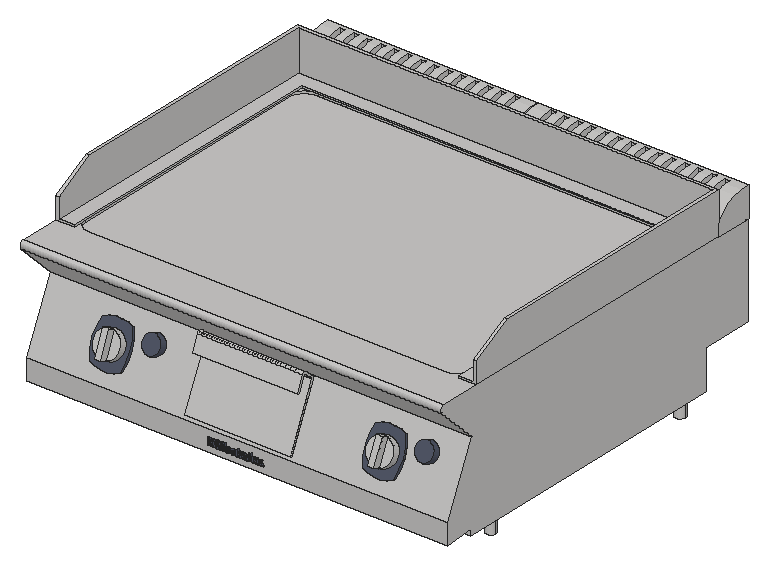
Revit family "QF_ELECTROLUXPROFESSIONAL_Professional_371330_E7IIKAAOMEA", category Specialty Equipment, Revit 2018 (continued)
Automatic sketch dimensions
  Extrusion 23 sketch curve to Extrusion 23 sketch curve = 1.547 mm
  Extrusion 23 sketch curve to Extrusion 23 sketch curve = 0.717 mm  (x2)
  Extrusion 23 sketch curve to Extrusion 23 sketch curve = 1.667 mm
  Extrusion 23 sketch curve to Extrusion 23 sketch curve = 3.174 mm
  Extrusion 23 sketch curve to Extrusion 23 sketch curve = 0.388 mm
  Extrusion 23 sketch curve to Extrusion 23 sketch curve = 1.342 mm
  Extrusion 23 sketch curve to Extrusion 23 sketch curve = 1.521 mm
  Extrusion 23 sketch curve to Extrusion 23 sketch curve = 0.124 mm
  Extrusion 23 sketch curve to Extrusion 23 sketch curve = 0.291 mm
  plane 7 "Center Y" to Extrusion 23 sketch curve = 3.796 mm
  Extrusion 23 sketch curve to Extrusion 23 sketch curve = 1.049 mm  (x2)
  Extrusion 23 sketch curve to Extrusion 23 sketch curve = 1.7 mm
  Extrusion 23 sketch curve to Extrusion 23 sketch curve = 0.894 mm
  Extrusion 23 sketch curve to Extrusion 23 sketch curve = 0.989 mm
  Extrusion 23 sketch curve to Extrusion 23 sketch curve = 1.168 mm
  Extrusion 23 sketch curve to Extrusion 23 sketch curve = 1.594 mm
  Extrusion 23 sketch curve to Extrusion 23 sketch curve = 0.731 mm
  Extrusion 23 sketch curve to Extrusion 23 sketch curve = 1.566 mm
  Extrusion 23 sketch curve to Extrusion 23 sketch curve = 0.064 mm
  plane 7 "Center Y" to Extrusion 23 sketch curve = 4.352 mm
  Extrusion 23 sketch curve to Extrusion 23 sketch curve = 0.556 mm  (x2)
  Extrusion 23 sketch curve to Extrusion 23 sketch curve = 0.48 mm
  Extrusion 23 sketch curve to Extrusion 23 sketch curve = 0.228 mm
  Extrusion 23 sketch curve to Extrusion 23 sketch curve = 1.018 mm
  Extrusion 23 sketch curve to Extrusion 23 sketch curve = 0.787 mm
  Extrusion 23 sketch curve to Extrusion 23 sketch curve = 0.618 mm
  Extrusion 23 sketch curve to Extrusion 23 sketch curve = 1.672 mm
  Extrusion 23 sketch curve to Extrusion 23 sketch curve = 1.361 mm
  Extrusion 23 sketch curve to Extrusion 23 sketch curve = 0.822 mm
  Extrusion 23 sketch curve to Extrusion 23 sketch curve = 0.069 mm
  Extrusion 23 sketch curve to Extrusion 23 sketch curve = 1.88 mm
  Extrusion 23 sketch curve to Extrusion 23 sketch curve = 0.42 mm
  plane 7 "Center Y" to Extrusion 23 sketch curve = 11.664 mm
  Extrusion 23 sketch curve to Extrusion 23 sketch curve = 0.062 mm
  Extrusion 23 sketch curve to Extrusion 23 sketch curve = 1.355 mm
  Extrusion 23 sketch curve to Extrusion 23 sketch curve = 2.34 mm
  Extrusion 23 sketch curve to Extrusion 23 sketch curve = 0.493 mm
  Extrusion 23 sketch curve to Extrusion 23 sketch curve = 0.136 mm
  Extrusion 23 sketch curve to Extrusion 23 sketch curve = 0.128 mm
  Extrusion 23 sketch curve to Extrusion 23 sketch curve = 3.616 mm
  Extrusion 23 sketch curve to Extrusion 23 sketch curve = 4.207 mm
  Extrusion 23 sketch curve to Extrusion 23 sketch curve = 0.183 mm
  Extrusion 23 sketch curve to Extrusion 23 sketch curve = 0.895 mm
  Extrusion 23 sketch curve to Extrusion 23 sketch curve = 1.314 mm
  Extrusion 23 sketch curve to Extrusion 23 sketch curve = 3.231 mm
  Extrusion 23 sketch curve to Extrusion 23 sketch curve = 1.299 mm
  Extrusion 23 sketch curve to Extrusion 23 sketch curve = 1.214 mm
  plane 7 "Center Y" to Extrusion 23 sketch curve = 22.879 mm
  Extrusion 23 sketch curve to Extrusion 23 sketch curve = 1.264 mm
  Extrusion 23 sketch curve to Extrusion 23 sketch curve = 0.109 mm
  Extrusion 23 sketch curve to Extrusion 23 sketch curve = 0.357 mm
  Extrusion 23 sketch curve to Extrusion 23 sketch curve = 0.565 mm
  Extrusion 23 sketch curve to Extrusion 23 sketch curve = 2.504 mm
  Extrusion 23 sketch curve to Extrusion 23 sketch curve = 2.459 mm
  Extrusion 23 sketch curve to Extrusion 23 sketch curve = 2.708 mm
  Extrusion 23 sketch curve to Extrusion 23 sketch curve = 3.333 mm
  Extrusion 23 sketch curve to Extrusion 23 sketch curve = 0.332 mm
  Extrusion 23 sketch curve to Extrusion 23 sketch curve = 1.087 mm
  Extrusion 23 sketch curve to Extrusion 23 sketch curve = 2.23 mm
  Extrusion 23 sketch curve to Extrusion 23 sketch curve = 2.757 mm
  Extrusion 23 sketch curve to Extrusion 23 sketch curve = 0.987 mm
  Extrusion 23 sketch curve to Extrusion 23 sketch curve = 1.529 mm
  Extrusion 23 sketch curve to Extrusion 23 sketch curve = 1.796 mm
  Extrusion 23 sketch curve to Extrusion 23 sketch curve = 2.859 mm
  Extrusion 23 sketch curve to Extrusion 23 sketch curve = 0.853 mm
  Extrusion 23 sketch curve to Extrusion 23 sketch curve = 1.241 mm
  Extrusion 23 sketch curve to Extrusion 23 sketch curve = 2.046 mm  (x2)
  Extrusion 23 sketch curve to Extrusion 23 sketch curve = 2.422 mm
  Extrusion 23 sketch curve to Extrusion 23 sketch curve = 0.27 mm  (x2)
  Extrusion 23 sketch curve to Extrusion 23 sketch curve = 0.69 mm
  Extrusion 23 sketch curve to Extrusion 23 sketch curve = 0.781 mm  (x2)
  Extrusion 23 sketch curve to Extrusion 23 sketch curve = 3.136 mm
  Extrusion 23 sketch curve to Extrusion 23 sketch curve = 1.767 mm
  Extrusion 23 sketch curve to Extrusion 23 sketch curve = 0.138 mm
  Extrusion 23 sketch curve to Extrusion 23 sketch curve = 0.777 mm
  Extrusion 23 sketch curve to Extrusion 23 sketch curve = 1.19 mm
  Extrusion 23 sketch curve to Extrusion 23 sketch curve = 0.782 mm
  Extrusion 23 sketch curve to Extrusion 23 sketch curve = 1.268 mm
  Extrusion 23 sketch curve to Extrusion 23 sketch curve = 0.422 mm  (x2)
  Extrusion 23 sketch curve to Extrusion 23 sketch curve = 1.559 mm
  Extrusion 23 sketch curve to Extrusion 23 sketch curve = 3.927 mm
  Extrusion 23 sketch curve to Extrusion 23 sketch curve = 0.983 mm
  Extrusion 23 sketch curve to Extrusion 23 sketch curve = 1.122 mm
  Extrusion 23 sketch curve to Extrusion 23 sketch curve = 1.153 mm
  Extrusion 23 sketch curve to Extrusion 23 sketch curve = 1.223 mm
  Extrusion 23 sketch curve to Extrusion 23 sketch curve = 0.934 mm
  Extrusion 23 sketch curve to Extrusion 23 sketch curve = 1.383 mm
  Extrusion 23 sketch curve to Extrusion 23 sketch curve = 0.222 mm
  plane 7 "Center Y" to Extrusion 23 sketch curve = 9.104 mm
  Extrusion 23 sketch curve to Extrusion 23 sketch curve = 2.51 mm
  Extrusion 23 sketch curve to Extrusion 23 sketch curve = 0.131 mm
  Extrusion 23 sketch curve to Extrusion 23 sketch curve = 1.134 mm
  Extrusion 23 sketch curve to Extrusion 23 sketch curve = 0.094 mm
  Extrusion 23 sketch curve to Extrusion 23 sketch curve = 1.584 mm
  Extrusion 23 sketch curve to Extrusion 23 sketch curve = 1.501 mm
  Extrusion 23 sketch curve to Extrusion 23 sketch curve = 1.808 mm
  Extrusion 23 sketch curve to Extrusion 23 sketch curve = 0.643 mm
  Extrusion 23 sketch curve to Extrusion 23 sketch curve = 0.916 mm
  Extrusion 23 sketch curve to Extrusion 23 sketch curve = 0.352 mm
  Extrusion 23 sketch curve to Extrusion 23 sketch curve = 0.458 mm
  Extrusion 23 sketch curve to Extrusion 23 sketch curve = 1.282 mm
  Extrusion 23 sketch curve to Extrusion 23 sketch curve = 1.363 mm
  Extrusion 23 sketch curve to Extrusion 23 sketch curve = 0.685 mm
  Extrusion 23 sketch curve to Extrusion 23 sketch curve = 0.905 mm
  Extrusion 23 sketch curve to Extrusion 23 sketch curve = 2.865 mm
  Extrusion 23 sketch curve to Extrusion 23 sketch curve = 0.472 mm
  Extrusion 23 sketch curve to Extrusion 23 sketch curve = 0.101 mm
  Extrusion 23 sketch curve to Extrusion 23 sketch curve = 0.54 mm
  Extrusion 23 sketch curve to Extrusion 23 sketch curve = 0.02 mm
  Extrusion 23 sketch curve to Extrusion 23 sketch curve = 0.468 mm
  Extrusion 23 sketch curve to Extrusion 23 sketch curve = 0.829 mm
  Extrusion 23 sketch curve to Extrusion 23 sketch curve = 0.582 mm
  Extrusion 23 sketch curve to Extrusion 23 sketch curve = 0.166 mm
  Extrusion 23 sketch curve to Extrusion 23 sketch curve = 0.16 mm
  Extrusion 23 sketch curve to Extrusion 23 sketch curve = 2.781 mm
  Extrusion 23 sketch curve to Extrusion 23 sketch curve = 1.118 mm
  Extrusion 23 sketch curve to Extrusion 23 sketch curve = 0.613 mm
  Extrusion 23 sketch curve to Extrusion 23 sketch curve = 0.361 mm
  Extrusion 23 sketch curve to Extrusion 23 sketch curve = 0.897 mm
  Extrusion 23 sketch curve to Extrusion 23 sketch curve = 0.167 mm
  Extrusion 23 sketch curve to Extrusion 23 sketch curve = 0.292 mm
  Extrusion 23 sketch curve to Extrusion 23 sketch curve = 0.305 mm
  Extrusion 23 sketch curve to Extrusion 23 sketch curve = 1.557 mm
  Extrusion 23 sketch curve to Extrusion 23 sketch curve = 2.499 mm
  Extrusion 23 sketch curve to Extrusion 23 sketch curve = 3.062 mm
  Extrusion 23 sketch curve to Extrusion 23 sketch curve = 2.968 mm
  Extrusion 23 sketch curve to Extrusion 23 sketch curve = 5.044 mm
  Extrusion 23 sketch curve to Extrusion 23 sketch curve = 0.629 mm  (x2)
  Extrusion 23 sketch curve to Extrusion 23 sketch curve = 1.131 mm
  Extrusion 23 sketch curve to Extrusion 23 sketch curve = 0.137 mm
  Extrusion 23 sketch curve to Extrusion 23 sketch curve = 0.027 mm
  Extrusion 23 sketch curve to Extrusion 23 sketch curve = 2.235 mm
  radius of Extrusion 3 sketch curve = 9.525 mm  (x4)
  radius of Extrusion 4 sketch curve = 6.35 mm
  radius of Extrusion 12 sketch curve = 25.4 mm
  radius of Extrusion 13 sketch curve to Extrusion 12 = 0 mm  (x2)
  radius of Extrusion 15 sketch curve = 25.4 mm
  radius of Extrusion 16 sketch curve to Extrusion 15 = 0 mm  (x2)
  radius of Extrusion 17 sketch curve = 17.78 mm
  radius of Extrusion 18 sketch curve = 17.78 mm
Connectors
  piping at (749.3, -98.425, 57.718), diameter 12.8
    settings: on Extrusion 4, index 1, connector inside diameter 0.50394", connector length 0 mm, flow factor 0, pipe flow 0 GPM, pressure drop 0.00 psi, fitting loss kfactor 0, connector angle 0.00°, fixture units 0, engagement length 0 mm, angle of deflection 0.00°, flow configuration 1, flow direction 1, fitting loss method 0, system type 7, joint type 0, gender type 0, connector reference index -1, connector utility 0, adjustable connector no, is connector primary yes, connector description "Gas Connection"
